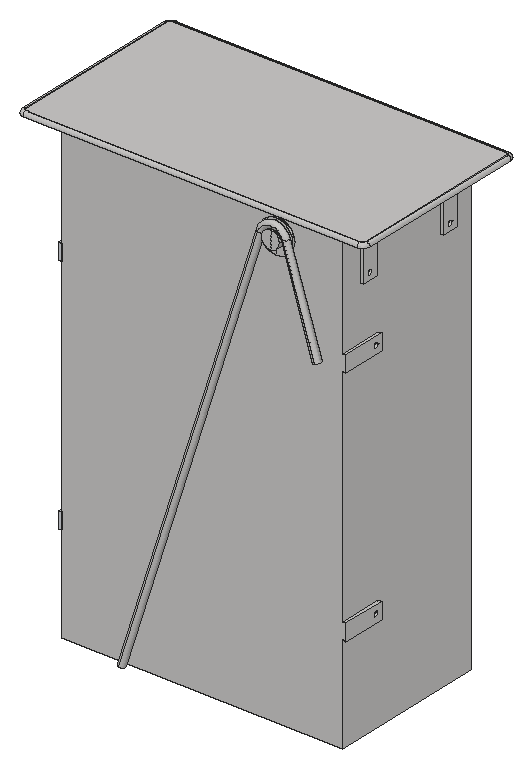
Revit family
Parameters (values of type "RODX600TT")
  URL = "http://www.franke.com"
  Revised Date = "27/08/2012"
  Product URL = "http://www.franke.com/washroomsystems/main/en/home/our_products/allproducts/all/201/201-101/ag-rodx600tt/rodx600tt_detail.html"
  Phone # = "416-250-5656"
  Model = "RODX600TT"
  Material = Stainless Steel
  Manufacturer = "Franke"
  Designed By = "ATS BIM Team"
  Description = "Franke Commercial ‘RODAN’ #RODX600TT Paper Towel Dispenser, 17-33/64” H x 13” W x 7-3/32” D (445mm x 330mm x 180mm), counter\r\nmounted, manufactured from 22 gauge (0.8mm), grade 18-10 type 304 stainless steel with satin surface finish. Uses 600 C-fold single layer\r\npaper towels, filling from top. Comply to local codes for barrier-free requirements."
  Default Elevation = 0' - 0"
Reference planes (in)
  plane 1 "Center (Front/Back)": y = 0
  plane 2: z = 0
  plane 3 "Center (Left/Right)": x = 0
  plane 4: x = 6.5
  plane 5: x = -6.5
  plane 6: y = -7.09375
  plane 7: y = -3.54688
  plane 8: y = -6.54688
  plane 9: y = -0.54688
  plane 10: z = -17.38543
Forms (in)
  Sweep 1, solid, material "Stainless Steel" <- "Material"
    path origin (0, 0, 0.13019) x (1, 0, 0) y (0, 1, 0)
      loop
        arc (-6.25, 0) -> (-6.42678, -0.07322) -> (-6.5, -0.25) r 0.25
        line (-6.5, -0.25) -> (-6.5, -6.84375)
        arc (-6.5, -6.84375) -> (-6.42678, -7.02053) -> (-6.25, -7.09375) r 0.25
        line (-6.25, -7.09375) -> (6.25, -7.09375)
        arc (6.25, -7.09375) -> (6.42678, -7.02053) -> (6.5, -6.84375) r 0.25
        line (6.5, -6.84375) -> (6.5, -0.25)
        arc (6.5, -0.25) -> (6.42678, -0.07322) -> (6.25, 0) r 0.25
        line (6.25, 0) -> (-6.25, 0)
    profile origin (0, 0, 0.13019) x (0, 1, 0) y (0, 0, 1)
      loop
        arc (0, -0.13019) -> (-0.03813, -0.03813) -> (-0.13019, 0) r 0.13019
        line (-0.13019, 0) -> (-0.13019, -0.13019) -> (0, -0.13019)
  Extrusion 2, solid, material "Stainless Steel" <- "Material"
    sketch origin (0, 0, 0.13019) x (1, 0, 0) y (0, 1, 0)
      loop
        line (-6.36981, -0.25) -> (-6.36981, -6.84375)
        arc (-6.36981, -6.84375) -> (-6.33472, -6.92847) -> (-6.25, -6.96356) r 0.11981
        line (-6.25, -6.96356) -> (6.25, -6.96356)
        arc (6.25, -6.96356) -> (6.33472, -6.92847) -> (6.36981, -6.84375) r 0.11981
        line (6.36981, -6.84375) -> (6.36981, -0.25)
        arc (6.36981, -0.25) -> (6.33472, -0.16528) -> (6.25, -0.13019) r 0.11981
        line (6.25, -0.13019) -> (-6.25, -0.13019)
        arc (-6.25, -0.13019) -> (-6.33472, -0.16528) -> (-6.36981, -0.25) r 0.11981
    from -0.13019 to 0
  Extrusion 3, solid, material "Stainless Steel" <- "Material"
    sketch origin (-5.25, 0, 0.13019) x (0, 1, 0) y (0, 0, 1)
      loop
        line (-6.54688, -0.13019) -> (-6.54688, -17.51563) -> (-0.54688, -17.51563) -> (-0.54688, -0.13019) -> (-6.54688, -0.13019)
    from 0 to 10.5
  Revolve 4, solid, material "Stainless Steel" <- "Material"
    sketch origin (2.82873, 0, 0.13019) x (0, 1, 0) y (0, 0, 1)
      loop
        line (-6.67357, -1.1715) -> (-6.54688, -1.1715) -> (-6.54688, -0.55033) -> (-6.61856, -0.55033) -> (-6.61856, -0.8419) -> (-6.88476, -0.8419) -> (-6.88476, -1.1715) -> (-6.67357, -1.1715)
      axis (-6.54688, -1.1715) -> (-6.88476, -1.1715)
    angle from 0 to 360
  Sweep 5, solid, material "Stainless Steel" <- "Material"
    path origin (0, 0, 0.18098) x (1, 0, 0) y (0, 0, 1)
      loop
        line (-2.83902, -17.52702) -> (2.36156, -1.10893)
        arc (2.36156, -1.10893) -> (2.82873, -0.76686) -> (3.29591, -1.10893) r 0.49005
        line (3.29591, -1.10893) -> (4.46781, -4.80859)
    profile origin (2.82873, 0, -0.58588) x (0, 0, 1) y (0, -1, 0)
      loop
        circle (0, 6.75169) r 0.125
  Extrusion 6, solid, material "Stainless Steel" <- "Material"
    sketch origin (5.25, 0, 0.13019) x (0, 1, 0) y (0, 0, 1)
      loop
        line (-6.54688, -13.27922) -> (-6.54688, -13.88687) -> (-4.88104, -13.88687) -> (-4.88104, -13.27922) -> (-6.54688, -13.27922)
      loop
        circle (-5.13969, -13.58305) r 0.11393
      loop
        line (-6.54688, -4.27922) -> (-6.54688, -4.88687) -> (-4.88104, -4.88687) -> (-4.88104, -4.27922) -> (-6.54688, -4.27922)
      loop
        circle (-5.13969, -4.58305) r 0.11393
      loop
        line (-5.11772, -0.59484) -> (-5.72537, -0.59484) -> (-5.72537, -2.26067) -> (-5.11772, -2.26067) -> (-5.11772, -0.59484)
      loop
        circle (-5.42154, -2.00203) r 0.11393
      loop
        line (-1.97603, -0.59484) -> (-1.97603, -2.26067) -> (-1.36838, -2.26067) -> (-1.36838, -0.59484) -> (-1.97603, -0.59484)
      loop
        circle (-1.67221, -2.00203) r 0.11393
    from 0 to 0.125
  Extrusion 7, solid
    sketch origin (-5.25, 0, 0.13019) x (0, 1, 0) y (0, 0, -1)
      loop
        line (-6.54688, 13.27922) -> (-4.88104, 13.27922) -> (-4.88104, 13.88687) -> (-6.54688, 13.88687) -> (-6.54688, 13.27922)
      loop
        circle (-5.13969, 13.58305) r 0.11393
      loop
        line (-6.54688, 4.27922) -> (-4.88104, 4.27922) -> (-4.88104, 4.88687) -> (-6.54688, 4.88687) -> (-6.54688, 4.27922)
      loop
        circle (-5.13969, 4.58305) r 0.11393
      loop
        line (-5.11772, 0.59484) -> (-5.11772, 2.26067) -> (-5.72537, 2.26067) -> (-5.72537, 0.59484) -> (-5.11772, 0.59484)
      loop
        circle (-5.42154, 2.00203) r 0.11393
      loop
        line (-1.97603, 0.59484) -> (-1.36838, 0.59484) -> (-1.36838, 2.26067) -> (-1.97603, 2.26067) -> (-1.97603, 0.59484)
      loop
        circle (-1.67221, 2.00203) r 0.11393
    from 0 to 0.125
Cuts and joins
  joined: Extrusion 2, Extrusion 3, Revolve 4, Sweep 5, Extrusion 6
Lines and regions (in)
  model lines
    curve 1: line (0, -1.13863, 0.13019) -> (-5, -1.13863, 0.13019)
    curve 2: line (-5, -5.88863, 0.13019) -> (0, -5.88863, 0.13019)
    curve 3: line (-5, -1.13863, 0.13019) -> (-5, -5.88863, 0.13019)
    curve 4: line (0, -1.13863, 0.13019) -> (5, -1.13863, 0.13019)
    curve 5: line (5, -5.88863, 0.13019) -> (0, -5.88863, 0.13019)
    curve 6: line (5, -1.13863, 0.13019) -> (5, -5.88863, 0.13019)
    curve 7: line (-5, -2.63863, 0.13019) -> (5, -2.63863, 0.13019)
    curve 8: line (-5, -4.38863, 0.13019) -> (5, -4.38863, 0.13019)
    curve 9: line (-5.25, -6.54688, -16.63543) -> (5.25, -6.54688, -16.63543)
    curve 10: line (-5.25, -6.54688, -16.38543) -> (5.25, -6.54688, -16.38543)
    curve 11: line (-4.86981, -6.54688, -0.46464) -> (4.86981, -6.54688, -0.46464)
    curve 12: line (-4.86981, -6.54688, 0) -> (-4.86981, -6.54688, -16.38543)
    curve 13: line (4.86981, -6.54688, 0) -> (4.86981, -6.54688, -16.38543)
Dimensions and locks (in)
  plane 5 to plane 4 = 1' - 1"
  plane 6 to plane 1 "Center (Front/Back)" = 0' - 7 3/32"
  plane 1 "Center (Front/Back)" to plane 6 = 0' - 7 3/32"
  Extrusion 2 to plane 10 = 1' - 5 33/64"
